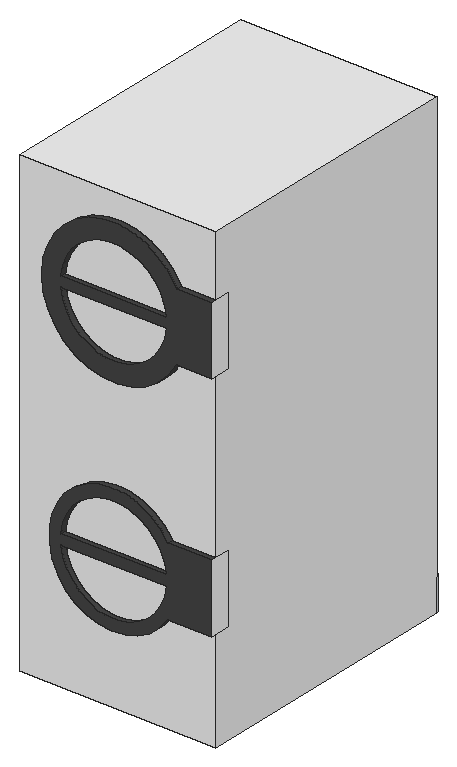
Revit family "Pro-Series-II-Stack-Drying-Tumbler_ContinentalGirbau", category Mechanical Equipment, Revit 2018
Family settings
  Round Connector Dimension = Use Radius
  Part Type = Normal
  OmniClass Number = 23.45.70.11.14.17
  OmniClass Title = Clothes Dryers
  Work Plane-Based = No
  Always vertical = Yes
  Cut with Voids When Loaded = No
  Shared = No
  Room Calculation Point = No
Parameters (values of type "As Specified")
  Warranty Duration (Years) = 0
  Voltage = 0 V
  URL = "http://www.continentalgirbau.com"
  Trim Material = Painted Metal - Black
  Three Phase = 0 VA
  Test Data = ""
  Specification = "http://www.arcat.com/sd/clients/cogirbau.html?coid=44467"
  SpecWizard = "http://www.arcat.com/specwizard/11110con/index.htm?mf=&coid=44467"
  Single Phase = 0 VA
  Shell Material = Stainless Steel
  Send Message = "http://admin.arcat.com/users.pl?action=UserEmail&company=Continental%20Girbau,%20Inc.&coid=44467&rep=132&fax=920-231-4666 &mf="
  Sales Information = ""
  Product Properties = "http://www.arcat.com/bim/bim_info.pl?fn=Commercial_Washer"
  Product Data = "http://www.arcat.com/arcatcos/cos44/arc44467.html"
  OpeningCL = DoorOpening / 2  # 0' - 11 87/256"
  Model = "Generic"
  Mech_Waste = 0' - 8"
  Mech_Gas_Inlet = 0' - 0 1/2"
  Manufacturer Website = "http://www.continentalgirbau.com"
  Manufacturer Phone - Toll Free = "800-256-1073 "
  Manufacturer Phone = "920-231-8222 "
  Manufacturer Fax = "920-231-4666 "
  Manufacturer Address = "2500 State Rd. 44; Oshkosh; WI 54904\r\n"
  Manufacturer = "Continental Girbau, Inc.\r\n"
  Maintenance Schedule (Months) = 0
  MachWidth = 2' - 10 1/2"
  MachHeight = 6' - 9 1/4"
  MachDepth = 4' - 0 5/8"
  LwrPanHt = MachHeight / 3  # 2' - 3.08333"
  Keynote = "11 23 00"
  Installation-Fabrication = ""
  Installation Phase = "Interior Fittings"
  InstWidth = 1' - 6"
  Green Building-LEED = "http://www.arcat.com/green/clients/leed_data_44467.html"
  GlassCL = OpeningCL - 0' 2"  # 0' - 9 87/256"
  Fr_FaceWdth = MachWidth / 6  # 0' - 5 3/4"
  Expected Lifespan (Years) = 0
  Drawn By = "Robert S. Weygant, CSI, CDT, SCIP"
  DoorOpening = 1' - 10 87/128"
  DoorHeight = 4' - 0"
  Description = "Commercial Washer"
  Cyl_Diam = CylRad * 2  # 2' - 9"
  Cyl_Depth = 2' - 2"
  CylRad = 1' - 4 1/2"
  Copyright = "2009, ARCAT, Inc."  # constant formula
  Construction Details = "http://www.arcat.com/details/cogirbau/cogirbau.html?coid=44467"
  Capacity_Weight = 30
  Capacity_Volume = (3.1416 * (CylRad ^ 2)) * Cyl_Depth  # 0.36441 m³
  Building Codes = ""
  BTU = ""
  Assembly Code = "E1010610"
Reference planes (in)
  plane 1 "Front": y = 0
  plane 2: z = 0
  plane 3 "Center (Left/Right)": x = 4.36029
  plane 4: x = -12.88971
  plane 5: x = 21.61029
  plane 6: y = 48.625
  plane 7: z = 81.25
  plane 8: z = 64.625
  plane 9: z = 48
  plane 10 "DoorFront": y = 2
  plane 11: y = 28
  plane 12: z = 24
Forms (in)
  Extrusion 1, solid, material "Stainless Steel" <- "Shell Material"
    sketch origin (0, 0, 0) x (1, 0, 0) y (0, 1, 0)
      loop
        line (-12.88971, 0) -> (21.61029, 0) -> (21.61029, 48.625) -> (-12.88971, 48.625) -> (-12.88971, 0)
    from 0 to 81.25
  Extrusion 2, solid, material "Painted Metal - Black" <- "Trim Material"
    sketch origin (0, 2, 18.44141) x (-1, 0, 0) y (0, 0, 1)
      loop
        arc (4.94445, 46.9926) -> (-4.36029, 55.52344) -> (-13.66503, 46.9926) r 9.33984
        line (-13.66503, 46.9926) -> (4.94445, 46.9926)
      loop
        line (-21.61029, 40.18359) -> (-15.48277, 40.18359)
        arc (-15.48277, 40.18359) -> (8.27733, 46.18359) -> (-15.48277, 52.18359) r 12.63762
        line (-15.48277, 52.18359) -> (-21.61029, 52.18359) -> (-21.61029, 40.18359)
      loop
        arc (-13.66503, 45.37459) -> (-4.36029, 36.84375) -> (4.94445, 45.37459) r 9.33984
        line (4.94445, 45.37459) -> (-13.66503, 45.37459)
    from 0.5 to -3
  Extrusion 3, void
    sketch origin (0, 2, 18.44141) x (-1, 0, 0) y (0, 0, 1)
      loop
        circle (-4.36029, 46.18359) r 16.5
    from 0.25 to 26
  Extrusion 4, void
    sketch origin (0, 2, 0) x (-1, 0, 0) y (0, 0, 1)
      loop
        circle (-4.36029, 64.625) r 11.33984
    from 0 to 0.5
  Extrusion 5, solid, material "Glass"
    sketch origin (0, 2, 23.72656) x (-1, 0, 0) y (0, 0, 1)
      loop
        circle (-4.36029, 40.89844) r 9.33984
    from 0 to 0.5
  Extrusion 6, solid, material "Painted Metal - Black" <- "Trim Material"
    sketch origin (0, 2, -17.55859) x (-1, 0, 0) y (0, 0, 1)
      loop
        arc (-13.66114, 40.70601) -> (-4.36029, 32.21875) -> (4.94056, 40.70601) r 9.33984
        line (4.94056, 40.70601) -> (-13.66114, 40.70601)
      loop
        line (-21.61029, 35.55859) -> (-13.98277, 35.55859)
        arc (-13.98277, 35.55859) -> (6.97955, 41.55859) -> (-13.98277, 47.55859) r 11.33984
        line (-13.98277, 47.55859) -> (-21.61029, 47.55859) -> (-21.61029, 35.55859)
      loop
        line (-13.66114, 42.41118) -> (4.94056, 42.41118)
        arc (4.94056, 42.41118) -> (-4.36029, 50.89844) -> (-13.66114, 42.41118) r 9.33984
    from 0.5 to -3
  Extrusion 7, void
    sketch origin (0, 2, -17.55859) x (-1, 0, 0) y (0, 0, 1)
      loop
        circle (-4.36029, 41.55859) r 16.5
    from 0.25 to 26
  Extrusion 8, solid, material "Glass"
    sketch origin (0, 2, -16.89844) x (-1, 0, 0) y (0, 0, 1)
      loop
        circle (-4.36029, 40.89844) r 9.33984
    from 0 to 0.5
  Extrusion 9, solid
    sketch origin (0, 0, 0) x (1, 0, 0) y (0, 0, 1)
      loop
        line (21.61029, 0) -> (21.61029, 6) -> (15.61029, 6) -> (15.61029, 0) -> (21.61029, 0)
    from -48.6875 to -48.625
  Extrusion 10, solid
    sketch origin (-12.75, 0, 12) x (1, 0, 0) y (0, 0, 1)
      loop
        line (20.11029, 0) -> (20.11029, 6) -> (14.11029, 6) -> (14.11029, 0) -> (20.11029, 0)
    from -48.6875 to -48.625
  Extrusion 11, solid
    sketch origin (-19.5, 0, 3) x (1, 0, 0) y (0, 0, 1)
      loop
        line (15.61029, 3) -> (15.61029, 6) -> (12.61029, 6) -> (12.61029, 3) -> (15.61029, 3)
    from -48.6875 to -48.625
Cuts and joins
  Extrusion 3, Extrusion 4, Extrusion 7 cuts Extrusion 1
  Extrusion 3, Extrusion 4 cuts Extrusion 2
  Extrusion 7 cuts Extrusion 5
  Extrusion 7 cuts Extrusion 8
Lines and regions (in)
  Split face 1
    outline origin (-12.88971, 0, 81.25) x (0, 0, -1) y (1, 0, 0)
      loop
        line (32.75812, 3.125) -> (28.25, 3.125) -> (28.25, 0.125) -> (38.75812, 0.125) -> (38.75812, 34.375) -> (28.25, 34.375) -> (28.25, 31.375) -> (32.75812, 31.375) -> (32.75812, 3.125)
  Split face 2
    outline origin (-12.88971, 0, 81.25) x (0, 0, -1) y (1, 0, 0)
      loop
        arc (15.81599, 26.55474) -> (7.28516, 17.25) -> (15.81599, 7.94526) r 9.33984
        line (15.81599, 7.94526) -> (15.81599, 26.55474)
  Split face 3
    outline origin (-12.88971, 0, 81.25) x (0, 0, -1) y (1, 0, 0)
      loop
        arc (17.43401, 7.94526) -> (25.96484, 17.25) -> (17.43401, 26.55474) r 9.33984
        line (17.43401, 26.55474) -> (17.43401, 7.94526)
  Split face 4
    outline origin (-12.88971, 0, 81.25) x (0, 0, -1) y (1, 0, 0)
      loop
        arc (56.39741, 26.55085) -> (47.91016, 17.25) -> (56.39741, 7.94915) r 9.33984
        line (56.39741, 7.94915) -> (56.39741, 26.55085)
  Split face 5
    outline origin (-12.88971, 0, 81.25) x (0, 0, -1) y (1, 0, 0)
      loop
        arc (58.10259, 7.94915) -> (66.58984, 17.25) -> (58.10259, 26.55085) r 9.33984
        line (58.10259, 26.55085) -> (58.10259, 7.94915)
  Split face 6
    outline origin (-12.88971, 0, 81.25) x (0, 0, -1) y (1, 0, 0)
      loop
        line (75.25, 34.5) -> (75.25, 0)
  symbolic lines
    curve 1: line (12.01933, 2, 0) -> (10.01933, 2, 0)
    curve 2: line (12.01933, -20.67969, 0) -> (12.01933, 2, 0)
    curve 3: line (10.01933, -20.67969, 0) -> (12.01933, -20.67969, 0)
    curve 4: line (10.01933, 2, 0) -> (10.01933, -20.67969, 0)
    curve 5: arc (12.01933, -20.67969, 0) -> (-3.39322, -14.63795, 0) -> (-10.59415, 0.26829, 0) r 22.67969
Dimensions and locks (in)
  "MachWidth": plane 4 to plane 5
  "MachDepth": plane 1 "Front" to plane 6
  equal spacing: plane 4, plane 3 "Center (Left/Right)", plane 5
  "MachHeight": plane 7 to plane 2
  "DoorHeight": plane 9 to plane 2
  "Cyl_Depth": plane 11 to plane 10 "DoorFront"
  "DoorOpening": curve 3 to curve 1
  equal spacing: plane 9, plane 12, plane 2
  locked: Extrusion 9 sketch curve to Extrusion 9 sketch curve at 6
  locked: Extrusion 9 to cut or joined group of Extrusion 1, Extrusion 3, Extrusion 4, Extrusion 7 at 0.0625
  locked: Extrusion 10 sketch curve to Extrusion 10 sketch curve at 6  (x2)
  equal spacing: Extrusion 10 sketch curve, plane 3 "Center (Left/Right)", Extrusion 10 sketch curve
  locked: cut or joined group of Extrusion 1, Extrusion 3, Extrusion 4, Extrusion 7 to Extrusion 10 at 12
  Extrusion 11 sketch curve to Extrusion 11 sketch curve = 0' - 3"  (x2)
  locked: cut or joined group of Extrusion 1, Extrusion 3, Extrusion 4, Extrusion 7 to Extrusion 11 at 6  (x2)
  locked: Split face 1 sketch curve to plane 4 at 0.125
  locked: Split face 1 sketch curve to plane 5 at 0.125
  Split face 1 to Split face 1 = 0' - 6"
  locked: Extrusion 2 sketch curve to Extrusion 2 sketch curve at 12
  equal spacing: Extrusion 2 sketch curve, plane 8, Extrusion 2 sketch curve
  equal spacing: plane 7, plane 8, plane 9
  "GlassCL": radius of Extrusion 2 sketch curve
  "CylRad": radius of Extrusion 3 sketch curve
  "OpeningCL": radius of Extrusion 4 sketch curve
  "GlassCL": radius of Extrusion 5 sketch curve
  "GlassCL": radius of Extrusion 6 sketch curve
  "CylRad": radius of Extrusion 7 sketch curve
  "GlassCL": radius of Extrusion 8 sketch curve
  aligned and locked: plane 4 to Extrusion 1
  aligned and locked: plane 5 to Extrusion 1
  aligned and locked: plane 1 "Front" to Extrusion 1
  aligned and locked: plane 6 to Extrusion 1
  aligned and locked: plane 7 to Extrusion 1
  aligned and locked: plane 11 to cut or joined group of Extrusion 1, Extrusion 3, Extrusion 4, Extrusion 7
  aligned and locked: plane 8 to Extrusion 5
  aligned and locked: plane 8 to cut or joined group of Extrusion 1, Extrusion 3, Extrusion 4, Extrusion 7
  aligned and locked: plane 12 to Extrusion 8
  aligned and locked: Extrusion 3 to Extrusion 7
  aligned and locked: Extrusion 9 sketch curve to cut or joined group of Extrusion 1, Extrusion 3, Extrusion 4, Extrusion 7  (x2)
  aligned and locked: Extrusion 9 to plane 6
  aligned and locked: Extrusion 10 to cut or joined group of Extrusion 1, Extrusion 3, Extrusion 4, Extrusion 7
  aligned and locked: Extrusion 10 to Extrusion 9
  aligned and locked: Extrusion 11 to plane 6
  aligned and locked: Extrusion 11 to Extrusion 9
  aligned and locked: plane 1 "Front" to Extrusion 1 sketch curve
  aligned and locked: Split face 2 sketch curve to cut or joined group of Extrusion 2, Extrusion 3, Extrusion 4  (x2)
  aligned and locked: Split face 3 sketch curve to cut or joined group of Extrusion 2, Extrusion 3, Extrusion 4  (x2)
  aligned and locked: Split face 4 sketch curve to Extrusion 6  (x2)
  aligned and locked: Split face 5 sketch curve to Extrusion 6  (x2)
Automatic sketch dimensions
  curve 4 to plane 10 "DoorFront" = 0' - 0"
  curve 5 to plane 10 "DoorFront" = 0' - 0"
  curve 5 to plane 1 "Front" = 0' - 0.26829"
  plane 4 to curve 5 = 0' - 2.29556"
  curve 4 to curve 5 = 0' - 2"
  Extrusion 1 sketch curve to plane 4 = 0' - 0"
  Extrusion 1 sketch curve to plane 5 = 0' - 0"
  Extrusion 1 sketch curve to plane 6 = 0' - 0"
  Extrusion 3 sketch curve to plane 3 "Center (Left/Right)" = 0' - 0"
  Extrusion 3 sketch curve to plane 8 = 0' - 0"
  Extrusion 4 sketch curve to plane 3 "Center (Left/Right)" = 0' - 0"
  Extrusion 4 sketch curve to plane 8 = 0' - 0"
  Extrusion 5 sketch curve to plane 3 "Center (Left/Right)" = 0' - 0"
  Extrusion 5 sketch curve to plane 8 = 0' - 0"
  Extrusion 7 sketch curve to plane 3 "Center (Left/Right)" = 0' - 0"
  Extrusion 7 sketch curve to plane 12 = 0' - 0"
  Extrusion 8 sketch curve to plane 3 "Center (Left/Right)" = 0' - 0"
  Extrusion 8 sketch curve to plane 12 = 0' - 0"
  plane 5 to Extrusion 9 sketch curve = 0' - 6"
  level to Extrusion 10 sketch curve = 1' - 0"
  plane 4 to Extrusion 11 sketch curve = 0' - 6"
  level to Extrusion 11 sketch curve = 0' - 6"
  Split face 1 sketch curve to cut or joined group of Extrusion 1, Extrusion 3, Extrusion 4, Extrusion 7 = 2' - 4 1/4"
  Split face 1 sketch curve to cut or joined group of Extrusion 1, Extrusion 3, Extrusion 4, Extrusion 7 = 0' - 3 1/8"
  Split face 1 sketch curve to Split face 1 sketch curve = 0' - 0"
  Split face 1 sketch curve to Split face 1 sketch curve = 0' - 4.50812"
  Split face 1 sketch curve to Split face 1 sketch curve = 0' - 6"
  Split face 1 sketch curve to Split face 1 sketch curve = 0' - 3"
  Extrusion 2 sketch curve to Extrusion 2 sketch curve = 0' - 0"  (x6)
  Extrusion 2 sketch curve to plane 5 = 0' - 0"
  Extrusion 2 sketch curve to plane 3 "Center (Left/Right)" = 0' - 0"
  Extrusion 2 sketch curve to plane 8 = 0' - 0"
  plane 5 to Extrusion 2 sketch curve = 0' - 6.12752"
  Extrusion 2 sketch curve to plane 8 = 0' - 0.80901"
  plane 8 to Extrusion 2 sketch curve = 0' - 0.80901"
  Extrusion 6 sketch curve to plane 5 = 0' - 0"
  Extrusion 6 sketch curve to plane 3 "Center (Left/Right)" = 0' - 0"
  Extrusion 6 sketch curve to plane 12 = 0' - 6"
  Extrusion 6 sketch curve to plane 12 = 0' - 0"
  plane 12 to Extrusion 6 sketch curve = 0' - 6"  (x2)
  plane 12 to Extrusion 6 sketch curve = 0' - 0.85259"
  Extrusion 6 sketch curve to plane 12 = 0' - 0.85259"
  Extrusion 6 sketch curve to Extrusion 6 sketch curve = 0' - 0"  (x5)
  Extrusion 6 sketch curve to Extrusion 6 sketch curve = 0' - 0.32163"  (x2)
  Split face 6 sketch curve to cut or joined group of Extrusion 1, Extrusion 3, Extrusion 4, Extrusion 7 = 0' - 0"  (x2)
  Split face 6 sketch curve to cut or joined group of Extrusion 1, Extrusion 3, Extrusion 4, Extrusion 7 = 0' - 6"
Connectors (in)
  electrical at (18.61029, 48.6875, 3)
    settings: on Extrusion 9, index 1, voltage 0 V, apparent load 0 VA, apparent load phase1 0 VA, apparent load phase2 0 VA, apparent load phase3 0 VA, power factor 1, load classification "Other", number of poles 1, system type 31, power factor state 1, is connector primary yes, connector utility no, sub classification motor no, connector description ""
  hvac at (4.36029, 48.6875, 15), driven by "Mech_Waste"
    settings: on Extrusion 10, index 2, duct flow 0 CFM, flow factor 0, pres drop 0.00 in-wg, loss coef 0, conn angle 0.00°, conn width 12", conn height 12", conn diameter 16", duct sys type 3, conn prof type 0, flow config 0, flow direction 0, loss method 0, conn ref index -1, conn util no, is conn primary yes, conn desc ""
  piping at (-5.38971, 48.6875, 7.5), diameter 1, driven by "Mech_Gas_Inlet"
    settings: on Extrusion 11, index 3, connector inside diameter 1", connector length 0' - 0", flow factor 0, pipe flow 0 GPM, pressure drop 0.00 psi, fitting loss kfactor 0, connector angle 0.00°, fixture units 0, engagement length 0' - 0", angle of deflection 0.00°, flow configuration 0, flow direction 0, fitting loss method 0, system type 22, joint type 0, gender type 0, connector reference index -1, connector utility 0, adjustable connector no, is connector primary yes, connector description "Mech_Gas_Inlet"
